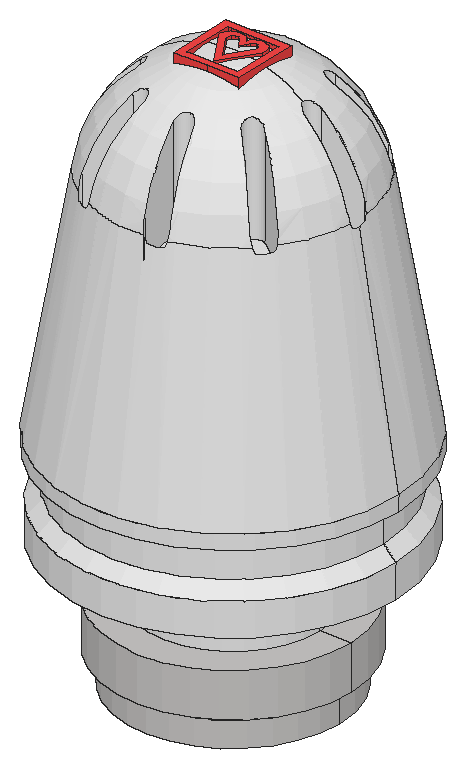
Revit family "Термостатическая головка HERZ-Design-MINI GS, с присоединительной резьбой М 28х1.5, 9200 06", category Rohrzubehör, Revit 2020
Family settings
  Bemaßung runder Anschluss = Durchmesser verwenden
  Teiletyp = Normal
  OmniClass-Nummer = 23.65.55.14
  OmniClass-Titel = Valves for Liquid Services
  Arbeitsebenenbasiert = Nein
  Immer vertikal = Nein
  Beim Laden mit Abzugskörper schneiden = Nein
  Gemeinsam genutzt = Nein
Parameters
  Принцип действия = "HERZ-термостатическая головка является датчиком прямого регулирования.\r\nИзменение объема жидкости в HERZ-гидросенсоре приводит в движение шток клапана."
  Область применения = "Для монтажа на всех HERZ-клапанах, предназначенных для термостатической работы."
  Номер заказа = 1920006  # constant formula
  Морозозащита = 6 °C  # constant formula
  Маховик = "Пластик, белый"  # constant formula
  Диапазон регулирования с морозозащитой = "6-28°C"  # constant formula
  Диапазон регулирования = "6-28°C"  # constant formula
  Vorgabe-Ansicht = 0 mm
  URL = "www.herz-armaturen.ru"
  S02 = 60 mm  # constant formula
  S01 = 73 mm  # constant formula
  Позиция теплового запирания "0" = "Термостатическая головка с жидкостным датчиком (гидросенсором) с позициями теплового запираниия \"0\" и морозозащиты, с ограничением и блокировкой диапазона регулирования."
  Hersteller = "HERZ Armaturen Ges.m.b.H."  # constant formula
  Позиция морозозащиты * = "Термостатическая головка с жидкостным датчиком (гидросенсором) с позицией морозозащиты и ограничением, блокировкой диапазона регулирования."
Reference planes
  plane 1 "Mitte (Vorne/hinten)": y = 0
  plane 2: z = 0
  plane 3 "Mitte (Links/rechts)": x = 0
Forms (mm)
  Revolve 1, solid, material "Kunststoff weiß", detail levels fine
    sketch origin (0, 0, 0) x (1, 0, 0) y (0, 0, 1)
      loop
        line (0, 0) -> (0, 73)
        arc (0, 73) -> (-11.397, 68.78) -> (-17.297, 58.156) r 17.5
        arc (-17.297, 58.156) -> (-20.011, 42.065) -> (-22.88, 26) r 1681.293
        line (-22.88, 26) -> (-22.88, 24) -> (-20.75, 24) -> (-20.75, 19.25) -> (-22.5, 17.5) -> (-22.5, 13) -> (-12.8, 13)
        arc (-12.8, 13) -> (-12.234, 12.766) -> (-12, 12.2) r 0.8
        line (-12, 12.2) -> (-12, 4.8) -> (-13.2, 4.8) -> (-13.2, 0) -> (0, 0)
      axis (0, 73) -> (0, 0)
    angle from 0 to 360
  Revolve 2, solid, material "Messing verzinkt", detail levels fine
    sketch origin (0, 0, 0) x (1, 0, 0) y (0, 0, 1)
      loop
        line (0, 0) -> (0, 5.5) -> (-16.35, 5.5) -> (-16.35, -0.576) -> (-14.75, -1.5) -> (-14.75, -5) -> (-13.35, -5) -> (-13.35, 0) -> (0, 0)
      axis (0, 5.5) -> (0, -5)
    angle from 0 to 360
  Extrusion 3, void
    sketch origin (0, 0, 0) x (1, 0, 0) y (0, 1, 0)
      loop
        arc (11.027, 1.298) -> (9.8, 0) -> (11.027, -1.298) r 1.3
        line (11.027, -1.298) -> (16.77, -1.62)
        arc (16.77, -1.62) -> (17.178, -1.485) -> (17.384, -1.107) r 0.586
        arc (17.384, -1.107) -> (17.453, 0.011) -> (17.382, 1.129) r 9
        arc (17.382, 1.129) -> (17.183, 1.492) -> (16.79, 1.621) r 0.564
        line (16.79, 1.621) -> (11.027, 1.298)
      loop
        line (9.282, 6.094) -> (13.904, 9.55)
        arc (13.904, 9.55) -> (14.121, 9.902) -> (14.04, 10.308) r 0.564
        arc (14.04, 10.308) -> (13.376, 11.21) -> (12.605, 12.023) r 9
        arc (12.605, 12.023) -> (12.205, 12.18) -> (11.805, 12.021) r 0.586
        line (11.805, 12.021) -> (7.613, 8.082)
        arc (7.613, 8.082) -> (7.507, 6.299) -> (9.282, 6.094) r 1.3
      loop
        arc (0.637, 11.085) -> (1.702, 9.651) -> (3.193, 10.634) r 1.3
        line (3.193, 10.634) -> (4.508, 16.234)
        arc (4.508, 16.234) -> (4.445, 16.659) -> (4.109, 16.928) r 0.586
        arc (4.109, 16.928) -> (3.02, 17.189) -> (1.907, 17.313) r 9
        arc (1.907, 17.313) -> (1.515, 17.181) -> (1.319, 16.816) r 0.564
        line (1.319, 16.816) -> (0.637, 11.085)
      loop
        line (-4.39, 10.199) -> (-6.991, 15.351)
        arc (-6.991, 15.351) -> (-7.3, 15.626) -> (-7.713, 15.617) r 0.564
        arc (-7.713, 15.617) -> (-8.717, 15.12) -> (-9.651, 14.501) r 9
        arc (-9.651, 14.501) -> (-9.875, 14.134) -> (-9.788, 13.713) r 0.586
        line (-9.788, 13.713) -> (-6.638, 8.901)
        arc (-6.638, 8.901) -> (-4.9, 8.487) -> (-4.39, 10.199) r 1.3
      loop
        arc (-10.806, 2.552) -> (-9.209, 3.352) -> (-9.918, 4.991) r 1.3
        line (-9.918, 4.991) -> (-15.204, 7.258)
        arc (-15.204, 7.258) -> (-15.634, 7.271) -> (-15.957, 6.986) r 0.586
        arc (-15.957, 6.986) -> (-16.404, 5.959) -> (-16.719, 4.884) r 9
        arc (-16.719, 4.884) -> (-16.657, 4.475) -> (-16.332, 4.219) r 0.564
        line (-16.332, 4.219) -> (-10.806, 2.552)
      loop
        line (-10.806, -2.552) -> (-16.332, -4.219)
        arc (-16.332, -4.219) -> (-16.657, -4.475) -> (-16.719, -4.884) r 0.564
        arc (-16.719, -4.884) -> (-16.404, -5.959) -> (-15.957, -6.986) r 9
        arc (-15.957, -6.986) -> (-15.634, -7.271) -> (-15.204, -7.258) r 0.586
        line (-15.204, -7.258) -> (-9.918, -4.991)
        arc (-9.918, -4.991) -> (-9.209, -3.352) -> (-10.806, -2.552) r 1.3
      loop
        arc (9.282, -6.094) -> (7.507, -6.299) -> (7.613, -8.082) r 1.3
        line (7.613, -8.082) -> (11.805, -12.021)
        arc (11.805, -12.021) -> (12.205, -12.18) -> (12.605, -12.023) r 0.586
        arc (12.605, -12.023) -> (13.376, -11.21) -> (14.04, -10.308) r 9
        arc (14.04, -10.308) -> (14.121, -9.902) -> (13.904, -9.55) r 0.564
        line (13.904, -9.55) -> (9.282, -6.094)
      loop
        line (0.637, -11.085) -> (1.319, -16.816)
        arc (1.319, -16.816) -> (1.515, -17.181) -> (1.907, -17.313) r 0.564
        arc (1.907, -17.313) -> (3.02, -17.189) -> (4.109, -16.928) r 9
        arc (4.109, -16.928) -> (4.445, -16.659) -> (4.508, -16.234) r 0.586
        line (4.508, -16.234) -> (3.193, -10.634)
        arc (3.193, -10.634) -> (1.702, -9.651) -> (0.637, -11.085) r 1.3
      loop
        arc (-4.39, -10.199) -> (-4.9, -8.487) -> (-6.638, -8.901) r 1.3
        line (-6.638, -8.901) -> (-9.788, -13.713)
        arc (-9.788, -13.713) -> (-9.875, -14.134) -> (-9.651, -14.501) r 0.586
        arc (-9.651, -14.501) -> (-8.717, -15.12) -> (-7.713, -15.617) r 9
        arc (-7.713, -15.617) -> (-7.3, -15.626) -> (-6.991, -15.351) r 0.564
        line (-6.991, -15.351) -> (-4.39, -10.199)
    from 55 to 73
Cuts and joins
  Extrusion 3 cuts Revolve 1
Lines and regions (mm)
  model lines, detail levels coarse+medium
    curve 1: line (0, 0, 0) -> (0, 0, 13)
    curve 2: line (0, -0.017, 0) -> (0, 13, 0)
    curve 3: circle (0, 0, 43) r 30 normal (0, -1, 0)
    curve 4: circle (0, 0, 43) r 30 normal (1, 0, 0)
    curve 5: line (0, 0, 23) -> (0, 0, 63)
    curve 6: line (0, 17.5, 63) -> (0, -17.5, 63)
    curve 7: line (-17.5, 0, 63) -> (17.5, 0, 63)
    curve 8: circle (0, 43, 0) r 30 normal (0, 0, 1)
    curve 9: line (0, 23, 0) -> (0, 63, 0)
    curve 10: line (-17.5, 63, 0) -> (17.5, 63, 0)
Dimensions and locks
  "S01": curve 4 to plane 2
  "S01": curve 3 to plane 2
  "S01": plane 1 "Mitte (Vorne/hinten)" to curve 8
  "S02": diameter of curve 3
  "S02": diameter of curve 4
  "S02": diameter of curve 8
  aligned and locked: level to plane 2
Automatic sketch dimensions
  Revolve 1 sketch curve to level = 0 mm
  Revolve 1 sketch curve to plane 3 "Mitte (Links/rechts)" = 0 mm  (x2)
  Revolve 1 sketch curve to plane 3 "Mitte (Links/rechts)" = 12 mm
  Revolve 1 sketch curve to Revolve 1 sketch curve = 0.8 mm
  Revolve 1 sketch curve to Revolve 1 sketch curve = 1.2 mm
  Revolve 1 sketch curve to Revolve 1 sketch curve = 7.95 mm
  Revolve 1 sketch curve to Revolve 1 sketch curve = 1.75 mm  (x2)
  Revolve 1 sketch curve to Revolve 1 sketch curve = 2.13 mm
  level to Revolve 1 sketch curve = 329.658 mm
  Revolve 1 sketch curve to plane 3 "Mitte (Links/rechts)" = 1676.524 mm
  level to Revolve 1 sketch curve = 4.8 mm
  Revolve 1 sketch curve to Revolve 1 sketch curve = 7.4 mm
  Revolve 1 sketch curve to Revolve 1 sketch curve = 4.5 mm
  Revolve 1 sketch curve to Revolve 1 sketch curve = 4.75 mm
  Revolve 1 sketch curve to Revolve 1 sketch curve = 2 mm
  Revolve 1 sketch curve to Revolve 1 sketch curve = 29.5 mm
  Revolve 1 sketch curve to Revolve 1 sketch curve = 17.5 mm
  Revolve 1 sketch curve to level = 366.045 mm
  Revolve 1 sketch curve to Revolve 1 sketch curve = 2141.315 mm
  Revolve 2 sketch curve to level = 0 mm
  Revolve 2 sketch curve to plane 3 "Mitte (Links/rechts)" = 0 mm  (x2)
  Revolve 2 sketch curve to level = 5 mm
  Revolve 2 sketch curve to plane 3 "Mitte (Links/rechts)" = 13.35 mm
  Revolve 2 sketch curve to Revolve 2 sketch curve = 1.4 mm
  Revolve 2 sketch curve to level = 0.576 mm
  Revolve 2 sketch curve to Revolve 2 sketch curve = 1.6 mm
  Revolve 2 sketch curve to level = 1.5 mm
  level to Revolve 2 sketch curve = 5.5 mm
  Revolve 2 sketch curve to Revolve 2 sketch curve = 361.045 mm
  Revolve 2 sketch curve to Revolve 2 sketch curve = 2208.815 mm
  plane 1 "Mitte (Vorne/hinten)" to Extrusion 3 sketch curve = 0 mm  (x2)
  Extrusion 3 sketch curve to plane 1 "Mitte (Vorne/hinten)" = 4.219 mm
  Extrusion 3 sketch curve to plane 3 "Mitte (Links/rechts)" = 16.332 mm
  plane 1 "Mitte (Vorne/hinten)" to Extrusion 3 sketch curve = 4.219 mm
  Extrusion 3 sketch curve to Extrusion 3 sketch curve = 0 mm  (x11)
  Extrusion 3 sketch curve to Extrusion 3 sketch curve = 0.163 mm  (x2)
  Extrusion 3 sketch curve to Extrusion 3 sketch curve = 0.734 mm  (x2)
  plane 1 "Mitte (Vorne/hinten)" to Extrusion 3 sketch curve = 7.258 mm
  Extrusion 3 sketch curve to Extrusion 3 sketch curve = 0.231 mm  (x2)
  Extrusion 3 sketch curve to plane 1 "Mitte (Vorne/hinten)" = 7.258 mm
  plane 1 "Mitte (Vorne/hinten)" to Extrusion 3 sketch curve = 2.552 mm
  Extrusion 3 sketch curve to Extrusion 3 sketch curve = 5.526 mm
  Extrusion 3 sketch curve to plane 1 "Mitte (Vorne/hinten)" = 2.552 mm
  Extrusion 3 sketch curve to Extrusion 3 sketch curve = 0.375 mm  (x2)
  Extrusion 3 sketch curve to Extrusion 3 sketch curve = 0.512 mm  (x2)
  Extrusion 3 sketch curve to Extrusion 3 sketch curve = 5.416 mm  (x2)
  Extrusion 3 sketch curve to Extrusion 3 sketch curve = 0.49 mm  (x2)
  Extrusion 3 sketch curve to Extrusion 3 sketch curve = 2.488 mm  (x2)
  Extrusion 3 sketch curve to Extrusion 3 sketch curve = 1.803 mm  (x2)
  Extrusion 3 sketch curve to Extrusion 3 sketch curve = 0.504 mm  (x2)
  Extrusion 3 sketch curve to Extrusion 3 sketch curve = 3.281 mm  (x2)
  Extrusion 3 sketch curve to Extrusion 3 sketch curve = 1.088 mm  (x2)
  Extrusion 3 sketch curve to Extrusion 3 sketch curve = 1.16 mm  (x2)
  Extrusion 3 sketch curve to Extrusion 3 sketch curve = 1.324 mm  (x2)
  plane 3 "Mitte (Links/rechts)" to Extrusion 3 sketch curve = 0.637 mm  (x2)
  plane 3 "Mitte (Links/rechts)" to Extrusion 3 sketch curve = 1.319 mm  (x2)
  plane 3 "Mitte (Links/rechts)" to Extrusion 3 sketch curve = 1.468 mm  (x2)
  Extrusion 3 sketch curve to Extrusion 3 sketch curve = 0.561 mm  (x2)
  Extrusion 3 sketch curve to Extrusion 3 sketch curve = 1.291 mm  (x2)
  Extrusion 3 sketch curve to Extrusion 3 sketch curve = 1.266 mm  (x2)
  Extrusion 3 sketch curve to Extrusion 3 sketch curve = 2.058 mm  (x2)
  Extrusion 3 sketch curve to Extrusion 3 sketch curve = 0.57 mm  (x2)
  Extrusion 3 sketch curve to Extrusion 3 sketch curve = 5.007 mm  (x2)
  Extrusion 3 sketch curve to Extrusion 3 sketch curve = 1.138 mm  (x2)
  Extrusion 3 sketch curve to Extrusion 3 sketch curve = 1.978 mm
  Extrusion 3 sketch curve to Extrusion 3 sketch curve = 0.89 mm  (x2)
  Extrusion 3 sketch curve to Extrusion 3 sketch curve = 0.779 mm  (x2)
  plane 1 "Mitte (Vorne/hinten)" to Extrusion 3 sketch curve = 1.298 mm
  Extrusion 3 sketch curve to Extrusion 3 sketch curve = 2.575 mm
  Extrusion 3 sketch curve to Extrusion 3 sketch curve = 0.073 mm
  Extrusion 3 sketch curve to Extrusion 3 sketch curve = 4.192 mm  (x2)
  Extrusion 3 sketch curve to Extrusion 3 sketch curve = 0.401 mm  (x2)
  Extrusion 3 sketch curve to Extrusion 3 sketch curve = 1.36 mm  (x2)
  Extrusion 3 sketch curve to Extrusion 3 sketch curve = 0.338 mm  (x2)
  plane 1 "Mitte (Vorne/hinten)" to Extrusion 3 sketch curve = 1.62 mm
  Extrusion 3 sketch curve to Extrusion 3 sketch curve = 5.743 mm
  Extrusion 3 sketch curve to plane 1 "Mitte (Vorne/hinten)" = 1.621 mm
  Extrusion 3 sketch curve to Extrusion 3 sketch curve = 0.02 mm
  Extrusion 3 sketch curve to Extrusion 3 sketch curve = 0.033 mm
  Extrusion 3 sketch curve to Extrusion 3 sketch curve = 0.032 mm
  plane 1 "Mitte (Vorne/hinten)" to Extrusion 3 sketch curve = 7.32 mm
  Extrusion 3 sketch curve to Extrusion 3 sketch curve = 6.784 mm
  Extrusion 3 sketch curve to Extrusion 3 sketch curve = 1.004 mm
  Extrusion 3 sketch curve to Extrusion 3 sketch curve = 1.581 mm  (x2)
  Extrusion 3 sketch curve to Extrusion 3 sketch curve = 1.468 mm
  Extrusion 3 sketch curve to Extrusion 3 sketch curve = 0.712 mm  (x2)
  Extrusion 3 sketch curve to Extrusion 3 sketch curve = 0.452 mm  (x2)
  Extrusion 3 sketch curve to Extrusion 3 sketch curve = 2.31 mm  (x2)
  Extrusion 3 sketch curve to Extrusion 3 sketch curve = 0.297 mm  (x2)
  Extrusion 3 sketch curve to Extrusion 3 sketch curve = 1.591 mm  (x2)
  Extrusion 3 sketch curve to Extrusion 3 sketch curve = 0.427 mm  (x2)
  Extrusion 3 sketch curve to Extrusion 3 sketch curve = 4.812 mm  (x2)
  Extrusion 3 sketch curve to Extrusion 3 sketch curve = 0.321 mm  (x2)
  Extrusion 3 sketch curve to Extrusion 3 sketch curve = 1.063 mm  (x2)
  Extrusion 3 sketch curve to Extrusion 3 sketch curve = 0.254 mm  (x2)
  Extrusion 3 sketch curve to Extrusion 3 sketch curve = 5.599 mm  (x2)
  Extrusion 3 sketch curve to Extrusion 3 sketch curve = 0.134 mm  (x2)
  Extrusion 3 sketch curve to Extrusion 3 sketch curve = 0.382 mm  (x2)
  Extrusion 3 sketch curve to Extrusion 3 sketch curve = 0.067 mm  (x2)
  Extrusion 3 sketch curve to Extrusion 3 sketch curve = 0.947 mm
  Extrusion 3 sketch curve to Extrusion 3 sketch curve = 0.539 mm  (x2)
  Extrusion 3 sketch curve to Extrusion 3 sketch curve = 1.702 mm
  Extrusion 3 sketch curve to Extrusion 3 sketch curve = 2.439 mm
  Extrusion 3 sketch curve to Extrusion 3 sketch curve = 0.54 mm  (x2)
  Extrusion 3 sketch curve to Extrusion 3 sketch curve = 0.905 mm
  Extrusion 3 sketch curve to Extrusion 3 sketch curve = 0.585 mm
  Extrusion 3 sketch curve to Extrusion 3 sketch curve = 0.564 mm
  Extrusion 3 sketch curve to Extrusion 3 sketch curve = 0.339 mm
  Extrusion 3 sketch curve to Extrusion 3 sketch curve = 1.245 mm
  Extrusion 3 sketch curve to plane 1 "Mitte (Vorne/hinten)" = 5.433 mm
  Extrusion 3 sketch curve to Extrusion 3 sketch curve = 0.661 mm
  Extrusion 3 sketch curve to Extrusion 3 sketch curve = 1.041 mm
  Extrusion 3 sketch curve to Extrusion 3 sketch curve = 4.429 mm
  Extrusion 3 sketch curve to Extrusion 3 sketch curve = 2.891 mm
  Extrusion 3 sketch curve to Extrusion 3 sketch curve = 3.456 mm
  Extrusion 3 sketch curve to plane 1 "Mitte (Vorne/hinten)" = 1.298 mm  (x2)
  curve 5 to plane 1 "Mitte (Vorne/hinten)" = 0 mm
  curve 4 to plane 1 "Mitte (Vorne/hinten)" = 0 mm
  plane 1 "Mitte (Vorne/hinten)" to curve 6 = 17.5 mm
  curve 5 to curve 6 = 17.5 mm
  curve 5 to curve 4 = 20 mm
  curve 4 to curve 6 = 20 mm
  curve 3 to plane 3 "Mitte (Links/rechts)" = 0 mm
  curve 1 to plane 3 "Mitte (Links/rechts)" = 0 mm
  curve 1 to level = 0 mm
  curve 7 to plane 3 "Mitte (Links/rechts)" = 17.5 mm
  plane 3 "Mitte (Links/rechts)" to curve 7 = 17.5 mm
  curve 3 to curve 7 = 20 mm
  curve 8 to plane 3 "Mitte (Links/rechts)" = 0 mm
  curve 9 to plane 3 "Mitte (Links/rechts)" = 0 mm
  curve 2 to plane 3 "Mitte (Links/rechts)" = 0 mm
  curve 10 to curve 9 = 17.5 mm
  plane 3 "Mitte (Links/rechts)" to curve 10 = 17.5 mm
  plane 1 "Mitte (Vorne/hinten)" to curve 2 = 0.017 mm
  curve 2 to curve 9 = 10 mm
  curve 8 to curve 10 = 20 mm
Nested families
  nested 1: "Herz-Logo" at (0, 0, 71.5), type "Herz-Logo", detail levels fine
Definition of nested family "Herz-Logo"
  Parameters (values of type "Herz-Logo")
    Default Elevation = 0 mm
  Reference planes
    plane 1 "Mitte (Vorne/hinten)": y = 0
    plane 2: z = 0
    plane 3 "Mitte (Links/rechts)": x = 0
  Forms (mm)
    Extrusion 1, solid
      sketch origin (0, 0, 0) x (1, 0, 0) y (0, 1, 0)
        loop
          line (-0.018, -4.517) -> (4.482, -4.517) -> (4.482, 4.483) -> (-4.518, 4.483) -> (-4.518, -4.517) -> (-0.018, -4.517)
        loop
          line (-0.05, -3.48) -> (3.482, -3.48) -> (3.482, 3.483) -> (-3.518, 3.483) -> (-3.518, -3.48) -> (-0.05, -3.48)
        loop
          arc (-0.018, 2.383) -> (-1.543, 3.287) -> (-3.067, 2.383) r 1.738
          arc (-3.067, 2.383) -> (-3.191, 1.899) -> (-3.067, 1.415) r 1.009
          line (-3.067, 1.415) -> (-0.018, -3.281) -> (3.032, 1.415)
          arc (3.032, 1.415) -> (3.156, 1.899) -> (3.032, 2.383) r 1.009
          arc (3.032, 2.383) -> (1.507, 3.287) -> (-0.018, 2.383) r 1.738
        loop
          arc (1.885, 1.272) -> (2.005, 1.675) -> (1.885, 2.079) r 0.74
          arc (1.885, 2.079) -> (1.265, 2.416) -> (0.644, 2.079) r 0.74
          line (0.644, 2.079) -> (-0.018, 0.97) -> (-0.679, 2.079)
          arc (-0.679, 2.079) -> (-1.3, 2.416) -> (-1.921, 2.079) r 0.74
          arc (-1.921, 2.079) -> (-2.04, 1.675) -> (-1.921, 1.272) r 0.74
          line (-1.921, 1.272) -> (-0.018, -1.658) -> (1.885, 1.272)
      from 0 to 1.5
  Dimensions and locks
    aligned and locked: level to plane 2
